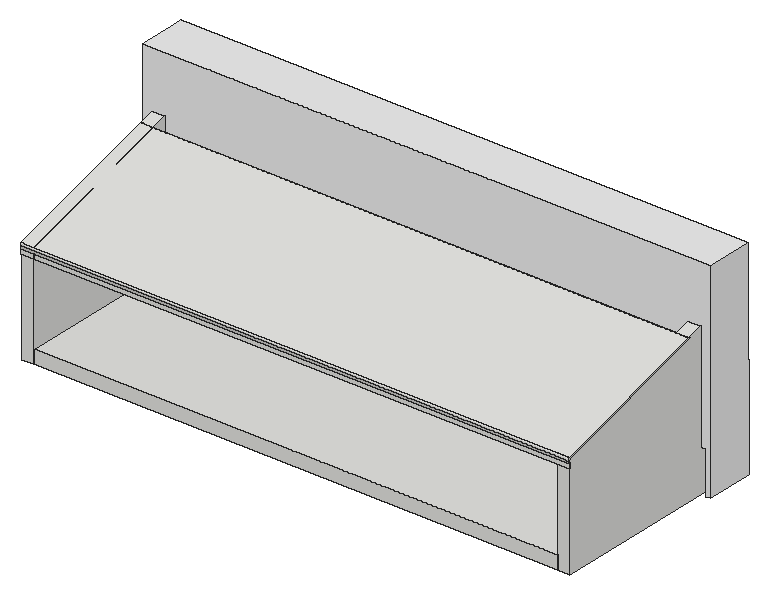
Revit family "Plumbing-Sink-Sloan-Valve-ELGR-82000", category Plumbing Fixtures, host Face, Revit 2019
Family settings
  Host = Face
  Round Connector Dimension = Use Diameter
  Part Type = Normal
  OmniClass Number = 23.45.05.14.14
  OmniClass Title = Sinks/Lavatories
  Cut with Voids When Loaded = No
  Shared = No
  Room Calculation Point = No
Parameters (values of type "ELGR-82000")
  Width = 60"  # constant formula
  Water Flow = 0.0 GPM
  Waste Connection = yes
  WFU = 2
  Vent Connection = no
  Valve Pressure Drop = 0.0 Pa
  URL = "www.sloanvalve.com"
  Sanitary Drain Connection Diameter = 1 1/2"  # constant formula
  Product data url = "https://bimobject.com/sloan_valve/product/sinks_sloanstone_elgr-82000"
  Product Material = Sloan - SloanStone - Pearl (PL)
  Product Guid = ""
  Part Number = ""
  Model = "ELGR-82000"
  Manufacturer = "Sloan Valve"  # constant formula
  Keynote = "10000"
  Hot Water Connection Diameter = 1/2"  # constant formula
  Height = 5"  # constant formula
  HWFU = 1.5
  HW Connection = yes
  z_Elevation [instance] = 34"  # constant formula
  Enclosure [instance] = yes
  Edition number = 1
  Description = "SloanStone® 2-Station Wall-Mounted Gradient Sink."
  Depth = 22"  # constant formula
  Default Elevation = 0"  # constant formula
  Cold Water Connection Diameter = 1/2"  # constant formula
  CWFU = 1.5
  CW Connection = yes
  Assembly Code = "D2010400"
  ADA Compliant = 1 = 1  # yes
Reference planes (in)
  plane 1 "Center (Front/Back)": y = 0
  plane 2: z = 0
  plane 3 "Center (Left/Right)": x = 0
  plane 4: y = -5
  plane 5: y = -34
  plane 6: x = -15
  plane 7: x = 15
  plane 8: z = 2.75
  plane 9: x = -9
  plane 10: x = 9
  plane 11: z = 3.125
  plane 12: x = 30
  plane 13: x = -30
  plane 14: z = 22
Dimensions and locks (in)
  locked: plane 4 to plane 1 "Center (Front/Back)" at 5
  "z_Elevation": plane 5 to plane 1 "Center (Front/Back)"
  plane 7 to plane 3 "Center (Left/Right)" to plane 6 = 15" locked, 15" locked
  locked: plane 8 to plane 2 at 2.75
  plane 10 to plane 3 "Center (Left/Right)" to plane 9 = 9" locked, 9" locked
  locked: plane 11 to plane 2 at 3.125
  equal spacing: plane 12, plane 3 "Center (Left/Right)", plane 13
  "Width": plane 13 to plane 12
  "Depth": plane 14 to plane 2
  aligned and locked: plane 2 to host face
  aligned and locked: level to host face
  aligned and locked: plane 3 "Center (Left/Right)" to nested 1
  aligned and locked: nested 1 to plane 1 "Center (Front/Back)"
Automatic sketch dimensions
  host sketch curve to host sketch curve = 96"  (x2)
Nested families (in)
  nested 1: "Geometry" at (0, 0, 0), type "Geometry"
Connectors (in)
  piping at (0, -14, 0), diameter 1.5, driven by "Sanitary Drain Connection Diameter", driven by "WFU"
    settings: on nested 1, index 11, connector inside diameter 24", connector length 0", flow factor 0, pipe flow 0.0 GPM, pressure drop 0.0 Pa, fitting loss kfactor 0, connector angle 0.00°, fixture units 2, engagement length 0", angle of deflection 0.00°, flow configuration 3, flow direction 2, fitting loss method 0, system type 16, joint type 0, gender type 0, connector reference index -1, connector utility 0, adjustable connector no, is connector primary yes, connector description "Sanitary Drain Connection"
  piping at (-3, -10, 0), diameter 0.5, driven by "Hot Water Connection Diameter", driven by "Valve Pressure Drop"
    settings: on nested 1, index 12, connector inside diameter 24", connector length 0", flow factor 0, pipe flow 0.0 GPM, pressure drop 0.0 Pa, fitting loss kfactor 0, connector angle 0.00°, fixture units 1.5, engagement length 0", angle of deflection 0.00°, flow configuration 3, flow direction 1, fitting loss method 0, system type 19, joint type 0, gender type 0, connector reference index -1, connector utility 0, adjustable connector no, is connector primary no, connector description "Hot Water Connection"
  piping at (3, -10, 0), diameter 0.5, driven by "Cold Water Connection Diameter", driven by "Valve Pressure Drop"
    settings: on nested 1, index 13, connector inside diameter 24", connector length 0", flow factor 0, pipe flow 0.0 GPM, pressure drop 0.0 Pa, fitting loss kfactor 0, connector angle 0.00°, fixture units 1.5, engagement length 0", angle of deflection 0.00°, flow configuration 3, flow direction 1, fitting loss method 0, system type 20, joint type 0, gender type 0, connector reference index -1, connector utility 0, adjustable connector no, is connector primary no, connector description "Cold Water Connection"
Definition of nested family "Geometry"
  Parameters (values of type "Geometry")
    URL = ""
    Type Comments = ""
    Price = ""
    Model = ""
    Manufacturer = ""
    Finish = none
    Enclosure Material = none
    Enclosure = yes
    Description = ""
    Default Elevation = 34"
    Assembly Code = ""
  Reference planes (in)
    plane 1 "Center (Front/Back)": y = 0
    plane 2: z = 0
    plane 3 "Center (Left/Right)": x = 0
    plane 4: y = -5
    plane 5: x = 30
    plane 6: x = -30
    plane 7: z = 22
    plane 8: y = -34
    plane 9: y = -14
    plane 10: y = -10
    plane 11: x = -15
    plane 12: x = 15
    plane 13: x = 9
    plane 14: x = -9
    plane 15: z = 5
    plane 16: z = 7.5
    plane 17: z = 19
    plane 18: z = 6.25
    plane 19: x = 26
    plane 20: x = -26
  Forms (in)
    Extrusion 1, solid
      sketch origin (0, 0, 0) x (1, 0, 0) y (0, 1, 0)
        loop
          line (-48, 48) -> (-48, -48) -> (48, -48) -> (48, 48) -> (-48, 48)
      from 0 to -12
    Extrusion 2, solid, material <- "Finish"
      sketch origin (0, 0, 0) x (1, 0, 0) y (0, 0, 1)
        loop
          line (30, 22) -> (-30, 22) -> (-30, 0) -> (-29.52756, 0) -> (-29.52756, 21.52756) -> (29.52756, 21.52756) -> (29.52756, 0) -> (30, 0) -> (30, 22)
      from 0 to 5
    Extrusion 3, solid, material <- "Finish"
      sketch origin (0, 0, 0) x (1, 0, 0) y (0, 0, 1)
        loop
          line (30, 0) -> (30, 22) -> (-30, 22) -> (-30, 0) -> (30, 0)
        loop
          line (26, 19) -> (-26, 19) -> (-26, 5) -> (26, 5) -> (26, 19)
      from 0 to 0.47244
    Extrusion 4, solid, material <- "Finish"
      sketch origin (0, 0, 0) x (0, 1, 0) y (0, 0, 1)
        loop
          line (0, 19) -> (0, 22) -> (-5, 22) -> (-5, 4.52756) -> (0, 4.52756) -> (0, 5) -> (-4, 5) -> (-4, 7.5) -> (0, 19)
      from -29.52756 to 29.52756
    Extrusion 5, solid, material <- "Finish"
      sketch origin (0, 0, 0) x (1, 0, 0) y (0, 1, 0)
        loop
          line (-26, 0) -> (-26.30898, -0.47244) -> (-24.43413, -4.75781) -> (-23.91846, -4.75781) -> (-26, 0)
        loop
          line (26, 0) -> (23.91846, -4.75781) -> (24.43413, -4.75781) -> (26.30898, -0.47244) -> (26, 0)
      from 5 to 19.08029
    Extrusion 6, solid, material <- "Finish"
      sketch origin (0, 0, 0) x (1, 0, 0) y (0, 1, 0)
        loop
          circle (0, -14) r 0.75
        loop
          circle (-3, -10) r 0.25
        loop
          circle (3, -10) r 0.25
      from 0 to 0.01326
    Extrusion 7, void
      sketch origin (0, 0, 0) x (1, 0, 0) y (0, 0, 1)
        loop
          circle (0, 6.25) r 0.75
      from 4 to 5
    Extrusion 8, solid, material <- "Enclosure Material", visible <- "Enclosure"
      sketch origin (0.0598, -0.00015, 0) x (0, 1, 0) y (0, 0, -1)
        loop
          line (-22.28349, 0) -> (-22.28349, -11.02999) -> (-0.47229, -17.22074) -> (-0.47229, 0) -> (-22.28349, 0)
      from 27.76017 to 29.0598
    Sweep 9, solid, material <- "Enclosure Material", visible <- "Enclosure"
      path origin (0, 0.17172, 0) x (1, 0, 0) y (0, 1, 0)
        loop
          line (-29, -22.62888) -> (29, -22.62888)
      profile origin (0, -22.45716, 0) x (0, 1, 0) y (0, 0, 1)
        loop
          line (-0.00555, 10.86203) -> (0.10434, 10.47744) -> (0.11135, 10.05276) -> (0.17114, 10.05375) -> (0.164, 10.4863) -> (0.04663, 10.89708)
          arc (0.04663, 10.89708) -> (0.05347, 10.95663) -> (0.10042, 10.9939) r 0.07831
          line (0.10042, 10.9939) -> (15.93571, 15.51827) -> (15.86178, 15.55934) -> (0.10261, 11.05672)
          arc (0.10261, 11.05672) -> (0.00821, 10.98178) -> (-0.00555, 10.86203) r 0.15748
    Extrusion 10, solid, material <- "Enclosure Material", visible <- "Enclosure"
      sketch origin (0, -0.00015, 0) x (1, 0, 0) y (0, 0, 1)
        loop
          line (-27.70037, 1.44) -> (-27.70037, 0) -> (27.70037, 0) -> (27.70037, 1.44) -> (-27.70037, 1.44)
      from 0.47229 to 22.28349
    Extrusion 11, solid, material <- "Enclosure Material", visible <- "Enclosure"
      sketch origin (-0.0598, -0.00015, 0) x (0, 1, 0) y (0, 0, 1)
        loop
          line (-22.28349, 0) -> (-0.47229, 0) -> (-0.47229, 17.22074) -> (-22.28349, 11.02999) -> (-22.28349, 0)
      from 27.76017 to 29.0598
  Cuts and joins
    Extrusion 7 cuts Extrusion 2
    Extrusion 7 cuts Extrusion 3
    Extrusion 7 cuts Extrusion 4
    Extrusion 7 cuts Extrusion 5
    joined: Extrusion 2, Extrusion 3, Extrusion 4, Extrusion 5
  Lines and regions (in)
    Masking region 1
      outline origin (0, 0, 0) x (1, 0, 0) y (0, 0, 1)
        loop
          line (30, 22) -> (-30, 22) -> (-30, 0) -> (30, 0) -> (30, 22)
    symbolic lines, detail levels medium+fine
      curve 1: line (26, 0, 19) -> (-26, 0, 19)
      curve 2: line (26, 0, 5) -> (26, 0, 19)
      curve 3: line (-26, 0, 5) -> (26, 0, 5)
      curve 4: line (-26, 0, 19) -> (-26, 0, 5)
      curve 5: line (26, 0, 19) -> (24.23906, 0, 7.5)
      curve 6: line (-24.23906, 0, 7.5) -> (24.23906, 0, 7.5)
      curve 7: line (24.25, 0, 7.57143) -> (24.25, 0, 5)
      curve 8: line (-24.25, 0, 5) -> (-24.25, 0, 7.57143)
      curve 9: line (-24.23906, 0, 7.5) -> (-26, 0, 19)
    symbolic lines, detail levels fine
      curve 10: circle (15, 0, 2.75) r 0.625 normal (0, 1, 0)
      curve 11: circle (9, 0, 3.125) r 0.5 normal (0, 1, 0)
      curve 12: circle (-9, 0, 3.125) r 0.5 normal (0, 1, 0)
      curve 13: circle (-15, 0, 2.75) r 0.625 normal (0, 1, 0)
      curve 14: circle (0, 0, 6.25) r 0.75 normal (0, -1, 0)
  Dimensions and locks (in)
    locked: plane 5 to plane 6 at 60
    locked: Extrusion 1 to plane 7 at 22
    locked: plane 4 to plane 1 "Center (Front/Back)" at 5
    locked: plane 8 to plane 10 at 24
    locked: plane 8 to plane 9 at 20
    "Default Elevation": plane 8 to plane 1 "Center (Front/Back)"
    plane 12 to plane 11 = 30"
    equal spacing: plane 12, plane 3 "Center (Left/Right)", plane 11
    locked: plane 12 to plane 13 at 6
    locked: plane 14 to plane 11 at 6
    plane 5 to plane 19 to plane 20 to plane 6 = 4", 52", 4"
    plane 6 to Sweep 9 sketch curve = 1"
    Sweep 9 sketch curve to plane 5 = 1"
    aligned and locked: plane 2 to Extrusion 1
    aligned and locked: level to Extrusion 1
    aligned and locked: plane 9 to Extrusion 6 sketch curve
    aligned and locked: plane 10 to Extrusion 6 sketch curve  (x2)
    aligned and locked: Extrusion 3 sketch curve to level
    aligned and locked: Extrusion 3 sketch curve to plane 7
    aligned and locked: plane 3 "Center (Left/Right)" to Extrusion 7 sketch curve
  Automatic sketch dimensions
    Extrusion 1 sketch curve to Extrusion 1 sketch curve = 96"  (x2)
    Extrusion 2 sketch curve to level = 0"  (x2)
    Extrusion 2 sketch curve to plane 6 = 0"
    Extrusion 2 sketch curve to plane 5 = 0"
    Extrusion 2 sketch curve to plane 7 = 0"
    Extrusion 2 sketch curve to Extrusion 2 sketch curve = 0.47244"
    Extrusion 2 sketch curve to plane 5 = 0.47244"
    plane 7 to Extrusion 2 sketch curve = 0.47244"
    Extrusion 3 sketch curve to plane 6 = 0"
    Extrusion 3 sketch curve to plane 5 = 0"
    plane 6 to Extrusion 3 sketch curve = 4"
    Extrusion 3 sketch curve to plane 5 = 4"
    level to Extrusion 3 sketch curve = 5"
    plane 7 to Extrusion 3 sketch curve = 3"
    plane 1 "Center (Front/Back)" to Extrusion 5 sketch curve = 0"  (x2)
    plane 1 "Center (Front/Back)" to Extrusion 5 sketch curve = 0.47244"  (x2)
    plane 6 to Extrusion 5 sketch curve = 3.69102"
    Extrusion 5 sketch curve to Extrusion 5 sketch curve = 0.30898"  (x2)
    Extrusion 5 sketch curve to plane 4 = 31/128"  (x2)
    Extrusion 5 sketch curve to Extrusion 5 sketch curve = 1.87485"
    Extrusion 5 sketch curve to Extrusion 5 sketch curve = 0.51568"  (x2)
    Extrusion 5 sketch curve to plane 5 = 6.08154"
    Extrusion 5 sketch curve to plane 5 = 4"
    Extrusion 6 sketch curve to plane 3 "Center (Left/Right)" = 0"
    Masking region 1 sketch curve to plane 6 = 0"
    Masking region 1 sketch curve to level = 0"
    Masking region 1 sketch curve to plane 5 = 0"
    Masking region 1 sketch curve to plane 7 = 0"
    curve 13 to plane 11 = 0"
    curve 12 to plane 14 = 0"
    curve 14 to plane 3 "Center (Left/Right)" = 0"
    curve 11 to plane 13 = 0"
    curve 10 to plane 12 = 0"
    plane 6 to curve 9 = 5.76094"
    plane 6 to curve 3 = 4"
    curve 5 to plane 5 = 5.76094"
    curve 3 to plane 5 = 4"
    level to curve 11 = 3 1/8"
    level to curve 12 = 3 1/8"
    level to curve 10 = 2 3/4"
    level to curve 13 = 2 3/4"
    plane 7 to curve 5 = 3"
    curve 3 to curve 8 = 1 3/4"
    curve 7 to curve 2 = 1 3/4"
    curve 3 to plane 15 = 0"
    plane 16 to curve 14 = 1 1/4"
    curve 5 to plane 16 = 0"
    plane 16 to Extrusion 7 sketch curve = 1 1/4"
    Extrusion 4 sketch curve to plane 4 = 0"
    plane 16 to Extrusion 4 sketch curve = 0"
    plane 15 to Extrusion 4 sketch curve = 0"
    Extrusion 4 sketch curve to plane 1 "Center (Front/Back)" = 0"
    plane 17 to Extrusion 4 sketch curve = 0"
    plane 7 to Extrusion 4 sketch curve = 0"
    Extrusion 4 sketch curve to plane 4 = 1"
    plane 15 to Extrusion 4 sketch curve = 0.47244"
    plane 1 "Center (Front/Back)" to Extrusion 4 sketch curve = 0"
    Extrusion 6 sketch curve to plane 3 "Center (Left/Right)" = 3"
    plane 3 "Center (Left/Right)" to Extrusion 6 sketch curve = 3"
    profile plane to Sweep 9 sketch curve = 0.00555"
    Sweep 9 sketch curve to profile plane = 0.04663"
    Sweep 9 sketch curve to profile plane = 0.10042"
    Sweep 9 sketch curve to Sweep 9 sketch curve = 0.00219"
    Sweep 9 sketch curve to profile plane = 0.10434"
    Sweep 9 sketch curve to profile plane = 0.11135"
    Sweep 9 sketch curve to Sweep 9 sketch curve = 0.0753"
    Sweep 9 sketch curve to Sweep 9 sketch curve = 0.02394"
    Sweep 9 sketch curve to Sweep 9 sketch curve = 0.05966"
    Sweep 9 sketch curve to Sweep 9 sketch curve = 0.05979"
    Sweep 9 sketch curve to profile plane = 15.86178"
    Sweep 9 sketch curve to Sweep 9 sketch curve = 0.07393"
    profile plane to Sweep 9 sketch curve = 10.05276"
    Sweep 9 sketch curve to Sweep 9 sketch curve = 0.00099"
    Sweep 9 sketch curve to Sweep 9 sketch curve = 0.42467"
    Sweep 9 sketch curve to Sweep 9 sketch curve = 0.00886"
    Sweep 9 sketch curve to Sweep 9 sketch curve = 0.38459"
    Sweep 9 sketch curve to Sweep 9 sketch curve = 0.03505"
    Sweep 9 sketch curve to Sweep 9 sketch curve = 0.00821"
    Sweep 9 sketch curve to Sweep 9 sketch curve = 0.0133"
    profile plane to Sweep 9 sketch curve = 15.51827"
    Sweep 9 sketch curve to Sweep 9 sketch curve = 0.04107"
    Extrusion 10 sketch curve to level = 0"
    Extrusion 10 sketch curve to plane 11 = 12.70037"
    plane 12 to Extrusion 10 sketch curve = 12.70037"
    Extrusion 10 sketch curve to Extrusion 10 sketch curve = 1.44"
    Extrusion 11 sketch curve to level = 0"
    plane 1 "Center (Front/Back)" to Extrusion 11 sketch curve = 0.47244"
    Extrusion 11 sketch curve to plane 16 = 3.52999"
    plane 17 to Extrusion 11 sketch curve = 1.77926"
    Extrusion 8 sketch curve to level = 0"
    Extrusion 8 sketch curve to plane 4 = 4.52756"
    Extrusion 8 sketch curve to plane 16 = 3.52999"
    plane 17 to Extrusion 8 sketch curve = 1.77926"
    plane 9 to Extrusion 8 sketch curve = 8.28364"
    plane 9 to Sweep 9 sketch curve = 8.45716"
    plane 9 to Extrusion 11 sketch curve = 8.28364"
    radius of Extrusion 6 sketch curve = 3/4"
    radius of Extrusion 6 sketch curve = 1/4"  (x2)
    radius of curve 10 = 5/8"
    radius of curve 11 = 1/2"
    radius of curve 12 = 1/2"
    radius of curve 13 = 5/8"
    radius of curve 14 = 3/4"
    radius of Extrusion 7 sketch curve = 3/4"
